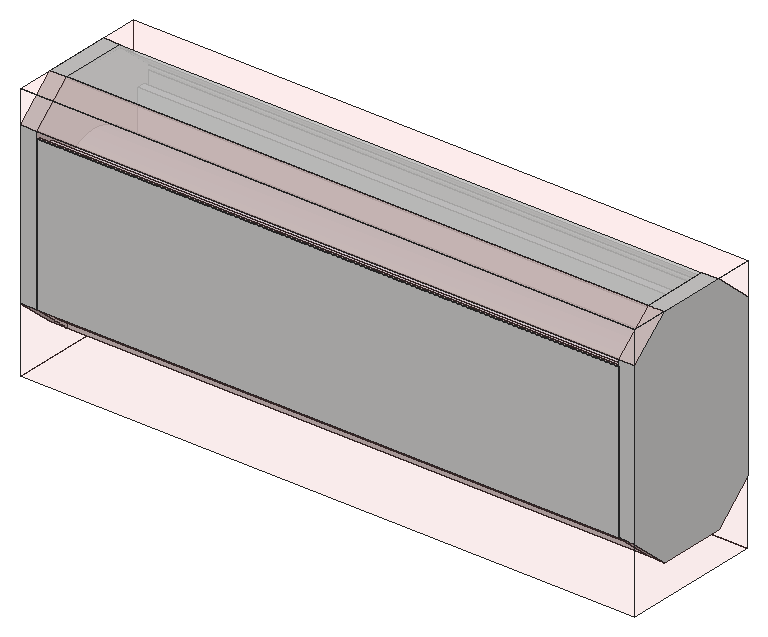
Revit family "Air-Curtain_Customer-Entry_PoweredAire_MP", category Mechanical Equipment, host Face, Revit 2017
Family settings
  Host = Face
  Round Connector Dimension = Use Diameter
  Part Type = Normal
  OmniClass Number = 23.75.35.17.21
  OmniClass Title = Air Curtains
  Cut with Voids When Loaded = No
  Shared = No
  Room Calculation Point = No
Parameters
  Warranty Duration (Years) = 0
  Unit Width Notes = "Other Widths available."  # constant formula
  Unit Width = 3' - 1"
  Unit Weight = 0
  Unit Height = 0' - 8 1/2"
  Unit Depth = 1' - 1 1/2"
  URL = "http://www.poweredaire.com/"
  Test Data = ""
  Standards Conformance = "as Specified"
  Specification = "http://www.arcat.com/sdspecs/htm04/23_34_33pai.htm"
  SpecWizard = ""
  Sound Pressure = "as Specified"
  Sales Information = "http://www.poweredaire.com/contact_us"
  Revision = "R1_2016-08"
  Projection from Host [instance] = 0' - 2"
  Product Properties = ""
  Product Data = "http://www.arcat.com/arcatcos/cos47/arc47623.html"
  Power Rating = 0 W
  Nozzle Width = if(1 = 1, Unit Width - 0' 2", 0' 0")  # 2' - 11"
  Mounting Width = if(1 = 1, Unit Width - 0' 1", 0' 0")  # 3' - 0"
  Mounting Height [instance] = 3' - 6"
  Motor RPM = 0
  Motor HP = 0
  Motor Count = 0
  Model = "As Specified"
  Max Height = 0' - 0"
  Manufacturer Website = "http://www.poweredaire.com/"
  Manufacturer Phone - Toll Free = "888-321-2473"
  Manufacturer Phone = "724-588-3305"
  Manufacturer Fax = "724-588-3371"
  Manufacturer Address = "109 Mortensen Rd.  Greenville, PA 16125"
  Manufacturer = "Powered Aire, Inc"
  Maintenance Schedule (Months) = 0
  Keynote = "23 34 33"
  Installation-Fabrication = ""
  Installation Phase = ""
  Include Clearance [instance] = yes
  Heating Element Load = 0 W
  HVAC_Temperature Rise = 0 °F
  HVAC_Outlet Volume = 0 CFM
  HVAC_Outlet Velocity Uniformity = 0
  HVAC_Outlet Velocity = 0 FPM
  Green Building-LEED = "http://www.arcat.com/green/clients/leed_data_47623.html"
  Front Grating Material [instance] = Metal - Steel - PoweredAire - Stainless 304 Perforated
  Frame Finish [instance] = Metal - Steel - PoweredAire - Stainless 304
  Expected Lifespan (Years) = 0
  Electrical_Wattage [instance] = Power Rating + Heating Element Load  # 0 W
  Electrical_Voltage [instance] = 0 V
  Electrical_Phase [instance] = 1
  Electrical_Frequency [instance] = 0 Hz
  Electrical_Amperage [instance] = 0 A
  Drawn By = "Sumex Design, Inc. / Robert S. Weygant, CSI, CDT, SCIP"
  Description = "Powered Aire Air Curtain as Specified"
  Default Elevation = 0' - 0"  # constant formula
  Copyright = "©Arcat Inc."
  Construction Details = "http://www.arcat.com/details/powair/prod3336.html"
  Clearance_Top [instance] = 0' - 0"
  Clearance_Side B [instance] = 0' - 0"
  Clearance_Side A [instance] = 0' - 0"
  Clearance_Intake [instance] = 0' - 0"
  Clearance_Bottom [instance] = 0' - 0"
  Clearance Material [instance] = ARCAT Clearance
  Building Codes = ""
  Available Options [instance] = "as Specified"
  Assembly Code = "D3090400"
Reference planes (in)
  plane 1 "Center (Elevation)": y = 0.13818
  plane 2: z = 0
  plane 3 "Center (Left/Right)": x = 0
  plane 4: y = 4.38818
  plane 5: y = -4.11182
  plane 6: x = -18.5
  plane 7: x = 18.5
  plane 8: z = 15.5
  plane 9 "FF": y = -41.86182
  plane 10: z = 2
  plane 11: x = 17.5
  plane 12: x = -17.5
  plane 13: y = 4.38818
  plane 14: y = -4.11182
  plane 15: x = -18.5
  plane 16: x = 18.5
  plane 17: z = 15.5
Forms (in)
  Extrusion 1, solid, material "Metal - Steel - PoweredAire - Stainless 304" <- "Frame Finish"
    sketch origin (0, 0, 0) x (0, 1, 0) y (0, 0, 1)
      loop
        line (2.13818, 2) -> (4.38818, 3.94454) -> (4.38818, 13.55546) -> (2.13818, 15.5) -> (-1.86182, 15.5) -> (-4.11182, 13.55546) -> (-4.11182, 3.94454) -> (-1.86182, 2) -> (2.13818, 2)
    from 17.5 to 18.5
  Extrusion 2, solid, material "Metal - Steel - PoweredAire - Stainless 304" <- "Frame Finish"
    sketch origin (0, 0, 0) x (0, 1, 0) y (0, 0, -1)
      loop
        line (2.13818, -2) -> (-1.86182, -2) -> (-4.11182, -3.94454) -> (-4.11182, -13.55546) -> (-1.86182, -15.5) -> (2.13818, -15.5) -> (4.38818, -13.55546) -> (4.38818, -3.94454) -> (2.13818, -2)
    from 17.5 to 18.5
  Extrusion 3, solid, material "Metal - Steel - PoweredAire - Stainless 304" <- "Frame Finish"
    sketch origin (0, 0, 0) x (0, 1, 0) y (0, 0, 1)
      loop
        line (-1.86182, 2) -> (2.13818, 2) -> (4.38818, 3.94454) -> (4.38818, 13.19454) -> (4.26318, 13.19454) -> (4.26318, 3.99632) -> (2.0979, 2.125) -> (-1.73682, 2.125) -> (-1.73682, 4.06954) -> (-3.98682, 4.06954) -> (-3.98682, 13.19454) -> (-4.11182, 13.19454) -> (-4.11182, 3.94454) -> (-1.86182, 3.94454) -> (-1.86182, 2)
      loop
        line (-3.39819, 3.61034) -> (-2.6202, 2.83235) -> (-2.49472, 2.95783) -> (-3.27271, 3.73583) -> (-3.39819, 3.61034)
    from -17.5 to 17.5
  Extrusion 4, solid, material "Metal - Steel - PoweredAire - Stainless 304 Perforated" <- "Front Grating Material"
    sketch origin (0, 0, 0) x (0, 1, 0) y (0, 0, 1)
      loop
        line (-4.11182, 13.19454) -> (-3.98682, 13.19454) -> (-3.98682, 13.50368) -> (-1.82155, 15.375) -> (2.0979, 15.375) -> (4.26318, 13.50368) -> (4.26318, 13.19454) -> (4.38818, 13.19454) -> (4.38818, 13.55546) -> (2.13818, 15.5) -> (-1.86182, 15.5) -> (-4.11182, 13.55546) -> (-4.11182, 13.19454)
    from -17.5 to 17.5
  Extrusion 5, solid, material "ARCAT Clearance" <- "Clearance Material", visible <- "Include Clearance"
    sketch origin (0, 0, 0) x (0, 1, 0) y (0, 0, 1)
      loop
        line (-4.11182, 15.5) -> (-4.11182, 0) -> (4.38818, 0) -> (4.38818, 15.5) -> (-4.11182, 15.5)
    from -18.5 to 18.5
  Extrusion 6, solid
    sketch origin (0, 0, 0) x (0, 1, 0) y (0, 0, 1)
      loop
        line (-3.59559, 12.66567) -> (-3.59559, 4.66567) -> (-3.09559, 4.66567) -> (-3.09559, 12.66567) -> (-3.59559, 12.66567)
      loop
        circle (0.13818, 9.1356) r 2.75
      loop
        line (3.87195, 12.66567) -> (3.37195, 12.66567) -> (3.37195, 4.66567) -> (3.87195, 4.66567) -> (3.87195, 12.66567)
    from -17.5 to 17.5
Dimensions and locks (in)
  equal spacing: plane 4, plane 1 "Center (Elevation)", plane 5
  "Unit Height": plane 4 to plane 5
  equal spacing: plane 6, plane 3 "Center (Left/Right)", plane 7
  "Unit Width": plane 6 to plane 7
  "Mounting Height": plane 1 "Center (Elevation)" to plane 9 "FF"
  "Projection from Host": plane 10 to level
  "Unit Depth": plane 8 to plane 10
  locked: plane 6 to plane 12 at 1
  locked: plane 11 to plane 7 at 1
  "Clearance_Side A": plane 7 to plane 16
  "Clearance_Side B": plane 15 to plane 6
  "Clearance_Top": plane 13 to plane 4
  "Clearance_Bottom": plane 5 to plane 14
  "Clearance_Intake": plane 17 to plane 8
  aligned and locked: plane 2 to host face
  aligned and locked: level to host face
  aligned and locked: plane 7 to Extrusion 1
  aligned and locked: Extrusion 1 to plane 11
  aligned and locked: plane 12 to Extrusion 2
  aligned and locked: Extrusion 2 to plane 6
  aligned and locked: plane 11 to Extrusion 3
  aligned and locked: Extrusion 3 to plane 12
  aligned and locked: plane 11 to Extrusion 4
  aligned and locked: Extrusion 4 to plane 12
  aligned and locked: Extrusion 5 sketch curve to plane 17
  aligned and locked: plane 14 to Extrusion 5 sketch curve
  aligned and locked: level to Extrusion 5 sketch curve
  aligned and locked: Extrusion 5 sketch curve to plane 13
  aligned and locked: plane 16 to Extrusion 5
  aligned and locked: Extrusion 5 to plane 15
  aligned and locked: plane 11 to Extrusion 6
  aligned and locked: Extrusion 6 to plane 12
Automatic sketch dimensions
  host sketch curve to host sketch curve = 8' - 0"  (x2)
  Extrusion 1 sketch curve to plane 5 = 0' - 0"
  Extrusion 1 sketch curve to plane 8 = 0' - 0"
  Extrusion 1 sketch curve to plane 4 = 0' - 0"
  plane 1 "Center (Elevation)" to Extrusion 1 sketch curve = 0' - 2"
  Extrusion 1 sketch curve to plane 1 "Center (Elevation)" = 0' - 2"  (x2)
  plane 10 to Extrusion 1 sketch curve = 0' - 1.94454"  (x2)
  Extrusion 1 sketch curve to plane 8 = 0' - 1.94454"  (x2)
  plane 5 to Extrusion 1 sketch curve = 0' - 2 1/4"
  Extrusion 1 sketch curve to plane 10 = 0' - 0"
  Extrusion 2 sketch curve to plane 5 = 0' - 0"
  Extrusion 2 sketch curve to plane 8 = 0' - 0"
  Extrusion 2 sketch curve to plane 10 = 0' - 0"
  Extrusion 2 sketch curve to plane 4 = 0' - 0"
  plane 1 "Center (Elevation)" to Extrusion 2 sketch curve = 0' - 2"
  Extrusion 2 sketch curve to plane 1 "Center (Elevation)" = 0' - 2"  (x2)
  Extrusion 2 sketch curve to plane 8 = 0' - 1.94454"  (x2)
  plane 10 to Extrusion 2 sketch curve = 0' - 1.94454"  (x2)
  plane 5 to Extrusion 2 sketch curve = 0' - 2 1/4"
  Extrusion 4 sketch curve to plane 5 = 0' - 0"
  Extrusion 4 sketch curve to plane 8 = 0' - 0"
  Extrusion 4 sketch curve to plane 4 = 0' - 0"
  plane 5 to Extrusion 4 sketch curve = 0' - 0 1/8"
  plane 1 "Center (Elevation)" to Extrusion 4 sketch curve = 0' - 2"
  Extrusion 4 sketch curve to Extrusion 4 sketch curve = 0' - 0.04027"  (x2)
  Extrusion 4 sketch curve to Extrusion 4 sketch curve = 0' - 0 1/8"
  Extrusion 4 sketch curve to plane 8 = 0' - 1.94454"  (x2)
  Extrusion 4 sketch curve to Extrusion 4 sketch curve = 0' - 0.05178"  (x2)
  Extrusion 4 sketch curve to Extrusion 4 sketch curve = 0' - 0.30914"  (x2)
  Extrusion 4 sketch curve to plane 8 = 0' - 0 1/8"
  Extrusion 4 sketch curve to plane 1 "Center (Elevation)" = 0' - 1.95973"
  Extrusion 3 sketch curve to plane 5 = 0' - 0"
  Extrusion 3 sketch curve to plane 4 = 0' - 0"
  plane 5 to Extrusion 3 sketch curve = 0' - 0 1/8"
  plane 5 to Extrusion 3 sketch curve = 0' - 0.71363"
  Extrusion 3 sketch curve to Extrusion 3 sketch curve = 0' - 0.12548"  (x2)
  Extrusion 3 sketch curve to Extrusion 3 sketch curve = 0' - 0.778"
  Extrusion 3 sketch curve to Extrusion 3 sketch curve = 0' - 0.63289"
  Extrusion 3 sketch curve to Extrusion 3 sketch curve = 0' - 0 1/8"  (x2)
  Extrusion 3 sketch curve to plane 4 = 0' - 0 1/8"
  plane 10 to Extrusion 3 sketch curve = 0' - 0.83235"
  Extrusion 3 sketch curve to Extrusion 3 sketch curve = 0' - 0.3342"
  plane 10 to Extrusion 3 sketch curve = 0' - 1.94454"
  Extrusion 3 sketch curve to Extrusion 3 sketch curve = 0' - 0.05178"
  Extrusion 3 sketch curve to plane 8 = 0' - 2.30546"  (x2)
  Extrusion 3 sketch curve to plane 1 "Center (Elevation)" = 0' - 2"
  plane 10 to Extrusion 3 sketch curve = 0' - 0 1/8"
  Extrusion 3 sketch curve to Extrusion 3 sketch curve = 0' - 0.04027"
  Extrusion 3 sketch curve to plane 10 = 0' - 0"
  Extrusion 6 sketch curve to plane 1 "Center (Elevation)" = 0' - 0"
  plane 5 to Extrusion 6 sketch curve = 0' - 1.01623"
  Extrusion 6 sketch curve to Extrusion 6 sketch curve = 0' - 0 1/2"  (x2)
  Extrusion 6 sketch curve to plane 4 = 0' - 1.01623"
  plane 10 to Extrusion 6 sketch curve = 0' - 2.66567"  (x2)
  Extrusion 6 sketch curve to Extrusion 6 sketch curve = 0' - 4.46993"
  Extrusion 6 sketch curve to plane 8 = 0' - 2.83433"  (x2)
  radius of Extrusion 6 sketch curve = 0' - 2 3/4"
Connectors (in)
  electrical at (0, 4.38818, 8.56954), driven by "Electrical_Phase", driven by "Electrical_Voltage"
    settings: on Extrusion 3, index 1, voltage 0 V, apparent load 0 VA, apparent load phase1 0 VA, apparent load phase2 0 VA, apparent load phase3 0 VA, power factor 1, load classification "Motor", number of poles 1, system type 31, power factor state 1, is connector primary yes, connector utility no, sub classification motor no, connector description ""
